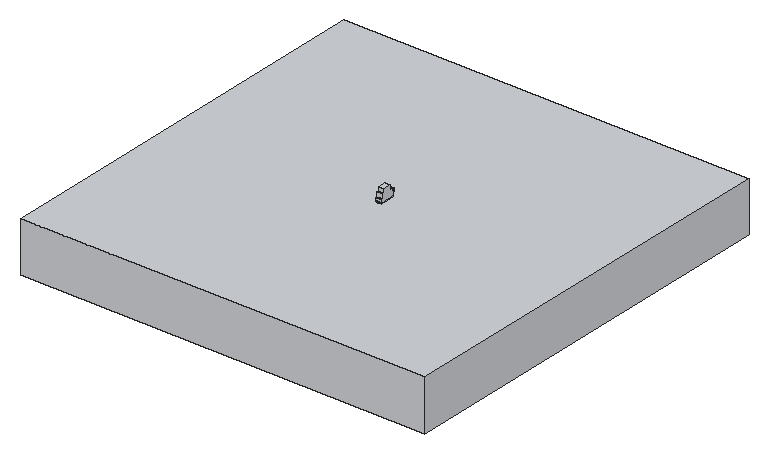
Revit family "Gira_543000", category Elektroinstallationen, Revit 2017
Family settings
  Basisbauteil = Fläche
  Beschriftungsausrichtung beibehalten = Nein
  Bemaßung runder Anschluss = Durchmesser verwenden
  Teiletyp = Normal
  Beim Laden mit Abzugskörper schneiden = Nein
  Gemeinsam genutzt = Nein
  Raumberechnungspunkt = Nein
Parameters (values of type "Funk Dimmaktor 1f REG Gira eNet")
  Zusammenstellung = ""
  Werkstoffgüte = ""
  Werkstoff Text = ""
  Default Elevation = 1219.2 mm
  Vor Ort-/Handbedienung = no
  Verwendbar mit Zeitschalter/Timer = no
  Verwendbar mit Taste = no
  Verwendbar mit Präsenzmelder = no
  Verwendbar mit IR-Taste = no
  Verwendbar mit Funktaste = no
  Verwendbar mit Bewegungsmelder = no
  Verschiedene Phasen anschließbar = no
  URL = "https://www.gira.de/"
  Typname = "Funk Dimmaktor 1f REG Gira eNet"
  Type Comments = ""
  Transparent = no
  Stromart = ""
  Seriendimmer = no
  Schutzart (IP) = "IP20"
  Produktseite = "https://media.stage.bim.site/t/eyJhbGciOiJIUzI1NiIsInR5cCI6IkpXVCJ9.eyJjdCI6MiwidHUiOiJodHRwOi8va2F0YWxvZy5naXJhLmRlL2RlX0RFL2RhdGVuYmxhdHQuaHRtbD9hcnRpa2VsbnI9NTQzMDAwIiwiY2lkIjoiMzI3N2NjMjMtODFhOS00ZWUzLWE5MGEtYjQ3YmI0YzBiNjE2IiwicmlkIjoiODc1OTFlZDlkZTM4NDBkODczNjJmMjQwYjFmYTI2ZDciLCJwaWQiOiJhOTYzNmQ4ZDk0ZmNmMWE5ZGZkMDhkYzYxM2M1MmQ0MGRiOWUwMmM3Iiwic2lkIjoiNjM0NzAiLCJ1dCI6MSwibGMiOiJkZSIsImlhdCI6MTYwMDk0MDQzMSwiaXNzIjoiaHR0cHM6Ly9hcGkubGl2ZS5iaW0uc2l0ZSIsInN1YiI6ImFkbWluQGJpbXNpdGUuZGV2In0.UlywaicvIl3E15ouCY0QgDLceLHA3QxIpSmyfYzmSFA"
  Parallel-Betrieb möglich = no
  Oberfläche Text = ""
  Nennspannung [Volt] = ""
  Nebenstelleneingang = no
  Montageart = "REG"
  Modulare Erweiterungsmöglichkeit = no
  Model = ""
  Mit LED-Anzeige = yes
  Mit Busankopplung = no
  Mit Beschriftungsfeld = no
  Max. Schaltleistung [Voltampere] = 0
  Max. Anzahl der Schaltausgänge = 0
  Max. Anzahl der Jalousieausgänge = 0
  Lichtwertspeicher = no
  Leistungszusatz verwendbar = no
  Lastart = "universal"
  Kosten = 0
  Installationstechnik = ""
  Hersteller = "Gira"
  HeinzeBIM = "https://www.heinze.de/bim/funk-dimmaktor-1f-reg-gira-enet/a9636d8d94fcf1a9dfd08dc613c52d40db9e02c7"
  Halogenfrei = no
  HAN = "543000"
  Geeignet für Schutzart (IP) = ""
  Geeignet für C-Last = no
  GTIN = "4010337774259"
  Funktion Schalten = no
  Funktion = ""
  Funk bidirektional = no
  Frequenz [Hz] = ""
  Farbe = ""
  Dimmung Phasenanschnitt = no
  Dimmung Phasenabschnitt = no
  Datenblatt 1 = "https://media.stage.bim.site/t/eyJhbGciOiJIUzI1NiIsInR5cCI6IkpXVCJ9.eyJjdCI6MSwidGYiOiJwdWJsaWMvZ2lyYS9hZThjNTU3LzU0MzAwMC50eHQiLCJjaWQiOiIzMjc3Y2MyMy04MWE5LTRlZTMtYTkwYS1iNDdiYjRjMGI2MTYiLCJyaWQiOiI4NzU5MWVkOWRlMzg0MGQ4NzM2MmYyNDBiMWZhMjZkNyIsInBpZCI6ImE5NjM2ZDhkOTRmY2YxYTlkZmQwOGRjNjEzYzUyZDQwZGI5ZTAyYzciLCJzaWQiOiI2MzQ3MCIsInV0IjoxLCJsYyI6ImRlIiwiaWF0IjoxNjAwOTQwNDMxLCJpc3MiOiJodHRwczovL2FwaS5saXZlLmJpbS5zaXRlIiwic3ViIjoiYWRtaW5AYmltc2l0ZS5kZXYifQ.jy2EHkKa31JBm2oEAdPxYiBMV6dA97GxBUHXdaEw-9o/543000.txt"
  Datenblatt = "https://media.stage.bim.site/t/eyJhbGciOiJIUzI1NiIsInR5cCI6IkpXVCJ9.eyJjdCI6MSwidHUiOiJodHRwczovL2thdGFsb2cuZ2lyYS5kZS9kZV9ERS9kb3dubG9hZC5odG1sP2FydGlrZWxucj01NDMwMDAiLCJjaWQiOiIzMjc3Y2MyMy04MWE5LTRlZTMtYTkwYS1iNDdiYjRjMGI2MTYiLCJyaWQiOiI4NzU5MWVkOWRlMzg0MGQ4NzM2MmYyNDBiMWZhMjZkNyIsInBpZCI6ImE5NjM2ZDhkOTRmY2YxYTlkZmQwOGRjNjEzYzUyZDQwZGI5ZTAyYzciLCJzaWQiOiI2MzQ3MCIsInV0IjoxLCJsYyI6ImRlIiwiaWF0IjoxNjAwOTQwNDMxLCJpc3MiOiJodHRwczovL2FwaS5saXZlLmJpbS5zaXRlIiwic3ViIjoiYWRtaW5AYmltc2l0ZS5kZXYifQ.0_-pAgWsHXEXgDI7Xd-l-yroZWdYfq7btsfl7kXfP1Q"
  Bussystem Powernet = no
  Bussystem LON = no
  Bussystem KNX-Funk = no
  Bussystem KNX = no
  Bussystem Funkbus = yes
  Breite in Teilungseinheiten = 2
  Beschreibung = "eNet Funk Dimmaktor 1fach 20 - 500 W VA REG Merkmale: Mit eNet Server einstellbar::  Vollverschlüsselte Funkübertragung (AES-CCM) ab eNet Server Software Version 2.0.  Bediensperren.  Update der Gerätesoftware.  Der eNet Funk Dimmaktor empfängt über eine Datenleitung vom eNet Funk Empfangsmodul oder eNet Server Telegramme zum Schalten und Dimmen verschiedener elektrischer Lasten.  Schalten und Dimmen von Glühlampen, HV-Halogenlampen, elektronischen Trafos für Halogen- oder LED-Lampen, dimmbaren induktiven Trafos für Halogen- oder LED-Lampen, HV-LED- oder Kompaktleuchtstofflampen.  Lampenschonendes Einschalten.  Einschalt- und Minimalhelligkeit speicherbar.  Szenenbetrieb.  Statusanzeige mit LED.  Statusrückmeldung an eNet Funksensoren.  Kurzschluss- und Übertemperaturschutz.  Automatische oder manuelle Einstellung des Dimmverfahrens. Mit eNet Server einstellbar::  Maximale Helligkeit.  Dimmverfahren.  Dimmgeschwindigkeit.  Nachlaufzeit.  Ein- bzw. Ausschaltverzögerung.  Auf- bzw. Abdimmrampe.  Abschaltvorwarnung.  Dauer-Ein, Dauer-Aus.  Hotelfunktion.  Lichtregelung.  Hinweise :  Zum Betrieb dieses Reiheneinbaugeräts wird ein eNet Funk Empfangsmodul oder ein eNet Server benötigt."
  Befestigungsart = ""
  Bedienungsart = ""
  Assembly Code = ""
  Keynote = ""
  BIMSITE_PRODUCT_ID = "a9636d8d94fcf1a9dfd08dc613c52d40db9e02c7"
  BIM = "https://media.stage.bim.site/t/eyJhbGciOiJIUzI1NiIsInR5cCI6IkpXVCJ9.eyJjdCI6MSwidGYiOiJwdWJsaWMvZ2lyYS9hZThjNTU3L0dpcmEgWDEgUkVHIEtOWC5yZmEiLCJjaWQiOiIzMjc3Y2MyMy04MWE5LTRlZTMtYTkwYS1iNDdiYjRjMGI2MTYiLCJyaWQiOiI4NzU5MWVkOWRlMzg0MGQ4NzM2MmYyNDBiMWZhMjZkNyIsInBpZCI6ImE5NjM2ZDhkOTRmY2YxYTlkZmQwOGRjNjEzYzUyZDQwZGI5ZTAyYzciLCJzaWQiOiI2MzQ3MCIsInV0Ijo1LCJsYyI6ImRlIiwiaWF0IjoxNjAwOTQwNDMxLCJpc3MiOiJodHRwczovL2FwaS5saXZlLmJpbS5zaXRlIiwic3ViIjoiYWRtaW5AYmltc2l0ZS5kZXYifQ.jBqp2j7QwS2XO9ITYK3XcgVZYiiZC_b5KGuFumyBnhQ/Gira X1 REG KNX.rfa"
  Ausgangsleistung [Voltampere] = "[500:500]"
  Ausführung der Oberfläche = ""
  Ausführung Text = "Dimmaktor"
  App-Steuerung über Bluetooth = no
  Anzahl der binären Eingänge = 0
  Anzahl der Eingänge = 0
  Anzahl der Ausgänge = 1
  Anschlussart = ""
  Andere Bussysteme = "eNet"
Reference planes
  plane 1 "Center (Front/Back)": y = 0
  plane 2: z = 0
  plane 3 "Center (Left/Right)": x = 0
Forms (mm)
  Extrusion 1, solid
    sketch origin (0, 0, 0) x (1, 0, 0) y (0, 1, 0)
      loop
        line (-1219.2, 1219.2) -> (-1219.2, -1219.2) -> (1219.2, -1219.2) -> (1219.2, 1219.2) -> (-1219.2, 1219.2)
    from 0 to -304.8
  Extrusion 2, solid, detail levels fine
    sketch origin (0, -0.2, 0) x (0, 1, 0) y (0, 0, 1)
      loop
        line (22.65, 43.82) -> (22.65, 68.77) -> (-22.25, 68.77) -> (-22.25, 43.82) -> (-30.4, 43.82) -> (-30.4, 19.42) -> (-44.8, 19.42) -> (-44.8, 1.97) -> (45.192, 1.97) -> (45.192, 28.47) -> (32.925, 28.47) -> (32.831, 39.259) -> (31.225, 41.242) -> (31.225, 43.82) -> (22.65, 43.82)
    from -17.95 to 17.95
  Extrusion 3, solid, detail levels fine
    sketch origin (0, -0.2, 0) x (0, 1, 0) y (0, 0, 1)
      loop
        line (45.192, 43.82) -> (31.225, 43.82) -> (31.225, 41.242) -> (32.831, 39.259) -> (32.925, 28.47) -> (45.192, 28.47) -> (45.192, 43.82)
    from -17.95 to -15.8
  Extrusion 4, solid, detail levels fine
    sketch origin (0, -0.2, 0) x (0, 1, 0) y (0, 0, -1)
      loop
        line (45.192, -43.82) -> (45.192, -28.47) -> (32.925, -28.47) -> (32.831, -39.259) -> (31.225, -41.242) -> (31.225, -43.82) -> (45.192, -43.82)
    from -17.95 to -15.8
  Extrusion 5, solid, detail levels fine
    sketch origin (0, -0.2, 0) x (0, 1, 0) y (0, 0, 1)
      loop
        line (31.5, 42.848) -> (31.5, 40.412)
        arc (31.5, 40.412) -> (38.359, 39.512) -> (45.192, 38.435) r 267
        line (45.192, 38.435) -> (45.192, 14.255)
        arc (45.192, 14.255) -> (50.205, 15.189) -> (55.2, 16.219) r 264.9
        line (55.2, 16.219) -> (55.2, 38.933)
        arc (55.2, 38.933) -> (43.394, 41.159) -> (31.5, 42.848) r 265
    from -15.506 to 15.5
  Extrusion 6, solid, detail levels fine
    sketch origin (0, -0.2, 0) x (0, 1, 0) y (0, 0, 1)
      loop
        line (45.2, 1.5) -> (17.774, 1.5) -> (17.905, -6.017)
        arc (17.905, -6.017) -> (20.285, -6.454) -> (22.7, -6.6) r 20
        arc (22.7, -6.6) -> (33.985, -5.009) -> (45.128, -2.618) r 160
        line (45.128, -2.618) -> (45.2, 1.5)
    from -17.95 to 18
  Extrusion 7, solid, detail levels fine
    sketch origin (0, -0.2, 0) x (0, 1, 0) y (0, 0, 1)
      loop
        line (17.905, -6.017) -> (17.824, -1.4) -> (16.8, -1.4) -> (14.749, -4.952)
        arc (14.749, -4.952) -> (16.305, -5.55) -> (17.905, -6.017) r 20
    from -17.95 to -13
  Extrusion 8, solid, detail levels fine
    sketch origin (0, -0.2, 0) x (0, 1, 0) y (0, 0, -1)
      loop
        arc (17.905, 6.017) -> (16.305, 5.55) -> (14.749, 4.952) r 20
        line (14.749, 4.952) -> (16.8, 1.4) -> (17.824, 1.4) -> (17.905, 6.017)
    from -17.95 to -13
  Extrusion 9, solid, detail levels fine
    sketch origin (0, -0.2, 0) x (0, 1, 0) y (0, 0, 1)
      loop
        line (17.8, 0) -> (17.774, 1.5) -> (-44.8, 1.5) -> (-44.774, 0) -> (17.8, 0)
    from -17.95 to 17.95
  Extrusion 10, solid, detail levels fine
    sketch origin (0, 0, 0) x (0, 1, 0) y (0, 0, 1)
      loop
        line (-48.916, -3.317) -> (-44.906, -3.881) -> (-44.974, 0) -> (-48.916, 0) -> (-48.916, -3.317)
    from -4.803 to 4.797
  Extrusion 11, solid, detail levels fine
    sketch origin (0, 0, 0) x (0, 1, 0) y (0, 0, 1)
      loop
        arc (-22.5, -6.6) -> (-20.811, -6.529) -> (-19.134, -6.315) r 20
        line (-19.134, -6.315) -> (-18.029, -3.279) -> (-18, 0) -> (-44.974, 0) -> (-44.928, -2.618)
        arc (-44.928, -2.618) -> (-33.785, -5.009) -> (-22.5, -6.6) r 160
    from -17.95 to -10.5
  Extrusion 12, solid, detail levels fine
    sketch origin (0, 0, 0) x (0, 1, 0) y (0, 0, -1)
      loop
        arc (-22.5, 6.6) -> (-33.785, 5.009) -> (-44.928, 2.618) r 160
        line (-44.928, 2.618) -> (-44.974, 0) -> (-18, 0) -> (-18.029, 3.279) -> (-19.134, 6.315)
        arc (-19.134, 6.315) -> (-20.811, 6.529) -> (-22.5, 6.6) r 20
    from -17.95 to -10.5
  Extrusion 13, solid, detail levels fine
    sketch origin (0, 0, 0) x (0, 1, 0) y (0, 0, 1)
      loop
        line (-30.708, -6.6) -> (-30.65, 0) -> (-44.974, 0) -> (-44.859, -6.6) -> (-30.708, -6.6)
    from -10.5 to 10.5
  Extrusion 14, solid, detail levels fine
    sketch origin (0, 0, 0) x (1, 0, 0) y (0, 1, 0)
      loop
        circle (-0.003, -20.023) r 1
    from -7.682 to 0
  Extrusion 15, solid, detail levels fine
    sketch origin (0, 0, 0) x (0, 1, 0) y (0, 0, 1)
      loop
        line (-17.523, -0.8) -> (-17.523, 0) -> (-30.65, 0) -> (-30.684, -3.9) -> (-27.106, -3.9) -> (-27.106, -5.6) -> (-19.623, -6.6) -> (-18.03, -6.6) -> (-15.023, -2.682) -> (-15.023, -1.517) -> (-17.523, -0.8)
    from -4.503 to 4.5
  Extrusion 16, solid, detail levels fine
    sketch origin (0, 0, 0) x (1, 0, 0) y (0, 1, 0)
      loop
        line (16.859, 43.848) -> (-16.859, 43.848) -> (-16.859, -43.859) -> (16.859, -43.859) -> (16.859, 43.848)
    from 1.5 to 4
  Extrusion 17, solid, detail levels medium
    sketch origin (0, 0, 0) x (0, 1, 0) y (0, 0, 1)
      loop
        line (22.45, 68.77) -> (-22.45, 68.77) -> (-22.45, 43.82) -> (-30.6, 43.82) -> (-30.6, 19.42) -> (-45, 19.42) -> (-45, 0) -> (-48.916, 0) -> (-48.916, -6.6) -> (-15.023, -6.6) -> (-15.023, 0) -> (14.549, 0) -> (14.549, -6.6) -> (44.992, -6.6) -> (44.992, 14.255)
        arc (44.992, 14.255) -> (50.005, 15.189) -> (55, 16.219) r 264.9
        line (55, 16.219) -> (55, 38.933)
        arc (55, 38.933) -> (50.005, 39.943) -> (44.992, 40.856) r 265
        line (44.992, 40.856) -> (44.992, 43.82) -> (22.45, 43.82) -> (22.45, 68.77)
    from -17.95 to 17.95
  Extrusion 18, solid, detail levels coarse
    sketch origin (0, 0, 0) x (1, 0, 0) y (0, 1, 0)
      loop
        line (-17.95, 55) -> (-17.95, -48.916) -> (17.95, -48.916) -> (17.95, 55) -> (-17.95, 55)
    from -7.682 to 68.77
Dimensions and locks
  aligned and locked: plane 2 to Extrusion 1
  aligned and locked: level to Extrusion 1
Connectors
  electrical at (0, -13.687, 0)
    settings: on Extrusion 9, index 1, voltage 24 V, apparent load 0 VA, apparent load phase1 0 VA, apparent load phase2 0 VA, apparent load phase3 0 VA, power factor 1, load classification "Other", number of poles 1, system type 30, power factor state 1, is connector primary yes, connector utility no, sub classification motor no, connector description ""
